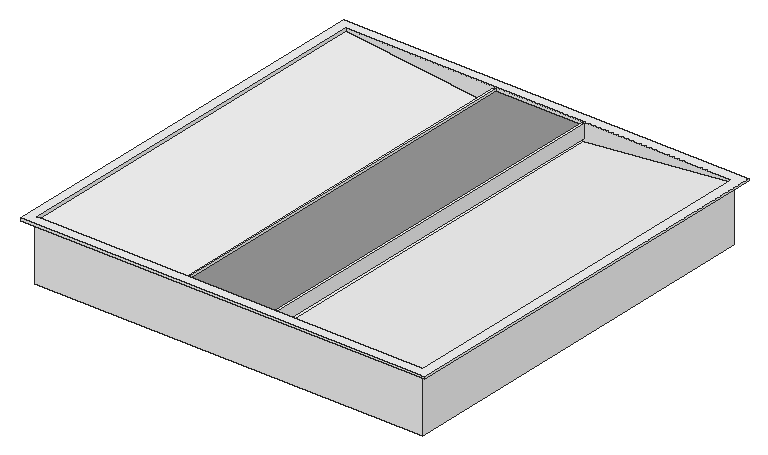
Revit family "2069244 Sylvania Lighting Fixture OFFICELYTE 600 HE 4K DALI", category Lighting Fixtures, host Face, Revit 2017
Family settings
  Host = Face
  Round Connector Dimension = Use Diameter
  Part Type = Normal
  OmniClass Number = 23.80.70.11.17
  OmniClass Title = Specialized Lighting by Location or Use
  Cut with Voids When Loaded = No
  Light Source = Yes
  Shared = No
  Room Calculation Point = No
Parameters (values of type "2069244 OFFICELYTE 600 HE 4K DALI")
  Width_SYL = 595.0 mm
  Weight = "6.0 kg"
  Wattage = 24 W
  WarrantyStartDate [instance] = "n/a"
  WarrantyGuarantorParts = "n/a"
  WarrantyDurationUnit = "n/a"
  WarrantyDurationParts = "n/a"
  WarrantyDescription = "n/a"
  built-in parameter 1150110 = 1 (stored number, unit not read)
  Voltage = 230 V
  URL = "http://www.sylvania-lighting.com"
  TypeName = "OFFICELYTE 600 HE 4K DALI"
  built-in parameter 1114217 = 1 (stored number, unit not read)
  Tilt Angle = -90.00°
  built-in parameter 1150109 = 1 (stored number, unit not read)
  built-in parameter 1150134 = 12
  built-in parameter 1150113 = 1 (stored number, unit not read)
  SerialNumber [instance] = "n/a"
  PowerFactor = 0.96
  PowerConsumption = "24 W"
  Photometric Web File = "2069244.ies"
  NominalWidth = 0.0 mm
  NominalLength = 595.0 mm
  NominalHeight = 87.0 mm
  Name = "OFFICELYTE 600 HE 4K DALI"
  ModelReference = "OFFICELYTE 600 HE 4K DALI"
  ModelNumber = "2069244"
  Material = "zintec housing, acrylic diffuser"
  ManufacturerName = "Feilo Sylvania"
  LuminousEfficacy = "148 lm/W"
  LuminaireType = ""
  LightOutputRatio = "100"
  Length_SYL = Width_SYL  # 595.0 mm
  LampsType = Lamp  # "LED"
  LampNominalLuminous = "3545 lm"
  LampMacAdamStep = "n/a"
  LampColourTemperature = "4000 K"
  LampColourRenderingIndex = "80"
  Keynote = "16500"
  InstallationDate [instance] = "n/a"
  InputVoltage = "230-240V~"
  InputNominalFrequency = "50/60 Hz"
  IngressProtection = "IP20"
  ImpactProtectionIndex = "IK02"
  IfcExportType = "IfcLightFixtureType"
  IfcExportAs = "IfcLightFixtureType"
  Height_SYL = 84.0 mm
  ExpectedLife = 50000
  ElectricShockClassification = "Class I"
  DurationUnit = "hours"
  DocumentationLiterature = "http://www.sylvania-lighting.com/product/en-int/products/2069244"
  DimmingControlOptions = "Dimmable"
  Material_2_SYL = Acrylic_Sylvania_Officelyte LP LED_Satin_4000K
  CreatedOn = "8/23/2018"
  CreatedBy = ""
  built-in parameter 1114216 [instance] = 1 (stored number, unit not read)
  Model = "OFFICELYTE 600 HE 4K DALI"
  Manufacturer = "Havells-Sylvania Group"  # constant formula
  built-in parameter 1150105 = 282.66 (stored number, unit not read)
  Lumens = 3552 lm
  built-in parameter 1150115 = 1 (stored number, unit not read)
  built-in parameter 1150137 = (empty or 0)
  built-in parameter 1150139 = (empty or 0)
  built-in parameter 1150112 = 1 (stored number, unit not read)
  built-in parameter 1150114 = 1 (stored number, unit not read)
  Lamp = "LED"
  built-in parameter 1150132 = 2
  built-in parameter 1150102 = (empty or 0)
  built-in parameter 1150107 = 4000 (stored number, unit not read)
  built-in parameter 1150138 = (empty or 0)
  built-in parameter 1150106 = 2.8266 (stored number, unit not read)
  Material_3_SYL = Steel_Sylvania_Officelyte LP LED_White_RAL 9016
  Emit from Rectangle Width = Width_SYL - 31.0 mm  # 564.0 mm
  Emit from Rectangle Length = Length_SYL - 31.0 mm  # 564.0 mm
  Emit Shape Visible in Rendering = no
  built-in parameter 1150104 = 13.75 (stored number, unit not read)
  Dimming Lamp Color Temperature Shift = <None>
  Material_1_SYL = Steel_Sylvania_Officelyte LP LED_White_RAL 9016
  Description = "The Concord OFFICELYTE LP LED HO 4K 600 is a high efficient luminaire for Office, education, meeting rooms. With efficacy of 95lm/W, at 4549lm, CRI of 85 and a very low glare ratio according to EN12464."  # constant formula
  Default Elevation = 0.0 mm
  Color Filter = 16777215
  built-in parameter 1140040 [instance] = 1
  BarCode [instance] = "n/a"
  built-in parameter 1114218 = 1 (stored number, unit not read)
  built-in parameter 1150133 = 10 (stored number, unit not read)
  AssetType = "Fixed"
  AssetIdentifier [instance] = "n/a"
  Assembly Code = "D5020200"
  Apparent Load = 24 VA
Reference planes
  plane 1 "Center (Front/Back)": y = 0
  plane 2: z = 0
  plane 3 "Center (Left/Right)": x = 0
  plane 4 "Fixture Bottom": z = 3
  plane 5 "Fixture Right": x = 297.5
  plane 6 "Profile Right": x = 284
  plane 7 "Profile Left": x = -284
  plane 8 "Fixture Left": x = -297.5
  plane 9 "Profile Back": y = 284
  plane 10 "Fixture Back": y = 297.5
  plane 11 "Fixture Front": y = -297.5
  plane 12: z = -25
  plane 13 "Box Right": x = 286
  plane 14 "Box Left": x = -286
  plane 15 "Box Back": y = 286
  plane 16 "Box Front": y = -286
  plane 17: x = 66.5
  plane 18: x = -66.5
  plane 19 "Difuser Right": x = 63.5
  plane 20 "Difuser Left": x = -63.5
  plane 21: z = -2
  plane 22: z = -4
  plane 23 "Profile Front": y = -284
  plane 24 "Fixture Top": z = -84
  plane 25 "Box Thickness": z = -82
  plane 26: z = -20
Forms (mm)
  Extrusion 1, void
    sketch origin (0, 0, 59) x (-1, 0, 0) y (0, -1, 0)
      loop
        line (-286, -286) -> (286, -286) -> (286, 286) -> (-286, 286) -> (-286, -286)
    from -141 to -56
  Extrusion 2, solid, material "Steel_Sylvania_Officelyte LP LED_White_RAL 9016" <- "Material_3_SYL", detail levels fine
    sketch origin (20, 0, 59) x (-1, 0, 0) y (0, -1, 0)
      loop
        line (-277.5, -297.5) -> (317.5, -297.5) -> (317.5, 297.5) -> (-277.5, 297.5) -> (-277.5, -297.5)
      loop
        line (304, -284) -> (304, 284) -> (-264, 284) -> (-264, -284) -> (304, -284)
    from -59 to -56
  Extrusion 3, solid, material "Steel_Sylvania_Officelyte LP LED_White_RAL 9016" <- "Material_3_SYL", detail levels fine
    sketch origin (0, 0, 0) x (1, 0, 0) y (0, 0, 1)
      loop
        arc (-65.868, -23.244) -> (-175.523, -17.552) -> (-284, -0.537) r 1059.086
        line (-284, -0.537) -> (-284, -2.581)
        arc (-284, -2.581) -> (-175.521, -19.563) -> (-65.868, -25.244) r 1061.086
        line (-65.868, -25.244) -> (65.87, -25.244)
        arc (65.87, -25.244) -> (175.522, -19.563) -> (284, -2.581) r 1061.094
        line (284, -2.581) -> (284, -0.538)
        arc (284, -0.538) -> (175.524, -17.552) -> (65.87, -23.244) r 1059.094
        line (65.87, -23.244) -> (-65.868, -23.244)
    from -284 to 284
  Extrusion 4, solid, material "Steel_Sylvania_Officelyte LP LED_White_RAL 9016" <- "Material_3_SYL", detail levels fine
    sketch origin (0, 0, 59) x (-1, 0, 0) y (0, -1, 0)
      loop
        line (284, -284) -> (284, 284) -> (-284, 284) -> (-284, -284) -> (284, -284)
      loop
        line (286, -286) -> (286, 286) -> (-286, 286) -> (-286, -286) -> (286, -286)
    from -141 to -59
  Extrusion 5, solid, material "Steel_Sylvania_Officelyte LP LED_White_RAL 9016" <- "Material_3_SYL", detail levels fine
    sketch origin (0, 0, 59) x (-1, 0, 0) y (0, -1, 0)
      loop
        line (66.5, -284) -> (66.5, 284) -> (63.5, 284) -> (63.5, -284) -> (66.5, -284)
      loop
        line (-66.5, 284) -> (-66.5, -284) -> (-63.5, -284) -> (-63.5, 284) -> (-66.5, 284)
    from -79 to -59
  Extrusion 6, solid, material "Acrylic_Sylvania_Officelyte LP LED_Satin_4000K" <- "Material_2_SYL", detail levels fine
    sketch origin (0, 0, -581) x (-1, 0, 0) y (0, -1, 0)
      loop
        line (-63.5, -284) -> (63.5, -284) -> (63.5, 284) -> (-63.5, 284) -> (-63.5, -284)
    from 577 to 579
  Extrusion 7, solid, material "Steel_Sylvania_Officelyte LP LED_White_RAL 9016" <- "Material_1_SYL", detail levels coarse+medium
    sketch origin (0, 0, 59) x (-1, 0, 0) y (0, -1, 0)
      loop
        line (297.5, -297.5) -> (297.5, 297.5) -> (-297.5, 297.5) -> (-297.5, -297.5) -> (297.5, -297.5)
    from -59 to -56
  Extrusion 8, solid, material "Steel_Sylvania_Officelyte LP LED_White_RAL 9016" <- "Material_1_SYL", detail levels coarse+medium
    sketch origin (0, 0, -501) x (-1, 0, 0) y (0, -1, 0)
      loop
        line (286, -286) -> (286, 286) -> (-286, 286) -> (-286, -286) -> (286, -286)
    from 417 to 501
  Extrusion 9, solid, material "Steel_Sylvania_Officelyte LP LED_White_RAL 9016" <- "Material_3_SYL", detail levels fine
    sketch origin (0, 0, 59) x (-1, 0, 0) y (0, -1, 0)
      loop
        line (-286, -286) -> (286, -286) -> (286, 286) -> (-286, 286) -> (-286, -286)
    from -143 to -141
Cuts and joins
  joined: Extrusion 2, Extrusion 4, Extrusion 9
  joined: Extrusion 3, Extrusion 5
Lines and regions (mm)
  symbolic lines
    curve 1: line (-297.5, 297.5, 59) -> (297.5, 297.5, 59)
    curve 2: line (-297.5, -297.5, 59) -> (-297.5, 297.5, 59)
    curve 3: line (297.5, -297.5, 59) -> (-297.5, -297.5, 59)
    curve 4: line (297.5, 297.5, 59) -> (297.5, -297.5, 59)
Dimensions and locks
  "Height_SYL": host face to plane 24 "Fixture Top"
  locked: plane 25 "Box Thickness" to plane 24 "Fixture Top" at 2
  "Width_SYL": plane 10 "Fixture Back" to plane 11 "Fixture Front"
  "Length_SYL": plane 8 "Fixture Left" to plane 5 "Fixture Right"
  equal spacing: plane 10 "Fixture Back", plane 1 "Center (Front/Back)", plane 11 "Fixture Front"
  equal spacing: plane 8 "Fixture Left", plane 3 "Center (Left/Right)", plane 5 "Fixture Right"
  locked: plane 18 to plane 20 "Difuser Left" at 3
  locked: plane 19 "Difuser Right" to plane 17 at 3
  plane 8 "Fixture Left" to plane 14 "Box Left" to plane 7 "Profile Left" = 11.5 mm locked, 2.0 mm locked
  plane 10 "Fixture Back" to plane 15 "Box Back" to plane 9 "Profile Back" = 11.5 mm locked, 2.0 mm locked
  plane 6 "Profile Right" to plane 13 "Box Right" to plane 5 "Fixture Right" = 2.0 mm locked, 11.5 mm locked
  plane 23 "Profile Front" to plane 16 "Box Front" to plane 11 "Fixture Front" = 2.0 mm locked, 11.5 mm locked
  plane 4 "Fixture Bottom" to plane 2 to plane 21 to plane 22 to plane 12 = 3.0 mm locked, 2.0 mm locked, 2.0 mm locked, 21.0 mm locked
  aligned and locked: plane 2 to host face
  aligned and locked: level to host face
  aligned and locked: plane 1 "Center (Front/Back)" to imposter light
  aligned and locked: plane 10 "Fixture Back" to Extrusion 2
  aligned and locked: plane 8 "Fixture Left" to Extrusion 2
  aligned and locked: Extrusion 2 to plane 7 "Profile Left"
  aligned and locked: Extrusion 2 to plane 5 "Fixture Right"
  aligned and locked: plane 6 "Profile Right" to Extrusion 2
  aligned and locked: Extrusion 2 to plane 11 "Fixture Front"
  aligned and locked: plane 4 "Fixture Bottom" to Extrusion 2
  aligned and locked: plane 18 to Extrusion 5 sketch curve
  aligned and locked: Extrusion 5 sketch curve to plane 17
  aligned and locked: plane 19 "Difuser Right" to Extrusion 5 sketch curve
  aligned and locked: Extrusion 5 sketch curve to plane 20 "Difuser Left"
  aligned and locked: plane 19 "Difuser Right" to Extrusion 6 sketch curve
  aligned and locked: Extrusion 6 sketch curve to plane 20 "Difuser Left"
  aligned and locked: plane 21 to Extrusion 6
  aligned and locked: Extrusion 6 to plane 22
  aligned and locked: Extrusion 7 sketch curve to plane 10 "Fixture Back"
  aligned and locked: plane 5 "Fixture Right" to Extrusion 7 sketch curve
  aligned and locked: plane 11 "Fixture Front" to Extrusion 7 sketch curve
  aligned and locked: Extrusion 7 sketch curve to plane 8 "Fixture Left"
  aligned and locked: plane 4 "Fixture Bottom" to Extrusion 7
  aligned and locked: Extrusion 8 to plane 24 "Fixture Top"
  aligned and locked: level to Extrusion 8
  aligned and locked: plane 5 "Fixture Right" to curve 4
  aligned and locked: curve 1 to plane 10 "Fixture Back"
  aligned and locked: curve 2 to plane 8 "Fixture Left"
  aligned and locked: plane 11 "Fixture Front" to curve 3
  aligned and locked: plane 9 "Profile Back" to Extrusion 4
  aligned and locked: Extrusion 4 sketch curve to plane 9 "Profile Back"
  aligned and locked: Extrusion 4 to Extrusion 1
  aligned and locked: imposter light to Extrusion 1
  aligned and locked: Extrusion 9 to plane 24 "Fixture Top"
  aligned and locked: plane 25 "Box Thickness" to Extrusion 9
  aligned and locked: cut or joined group of Extrusion 2, Extrusion 4, Extrusion 9 to plane 25 "Box Thickness"
  aligned and locked: Extrusion 4 sketch curve to plane 13 "Box Right"
  aligned and locked: plane 15 "Box Back" to Extrusion 4 sketch curve
  aligned and locked: Extrusion 4 sketch curve to plane 14 "Box Left"
  aligned and locked: plane 16 "Box Front" to Extrusion 4 sketch curve
  aligned and locked: Extrusion 9 sketch curve to plane 16 "Box Front"
  aligned and locked: plane 13 "Box Right" to Extrusion 9 sketch curve
  aligned and locked: Extrusion 9 sketch curve to plane 15 "Box Back"
  aligned and locked: Extrusion 9 sketch curve to plane 14 "Box Left"
  aligned and locked: plane 7 "Profile Left" to cut or joined group of Extrusion 3, Extrusion 5
  aligned and locked: cut or joined group of Extrusion 3, Extrusion 5 to plane 6 "Profile Right"
  aligned and locked: plane 9 "Profile Back" to cut or joined group of Extrusion 3, Extrusion 5
  aligned and locked: cut or joined group of Extrusion 3, Extrusion 5 to plane 23 "Profile Front"
  aligned and locked: plane 23 "Profile Front" to Extrusion 5 sketch curve
  aligned and locked: Extrusion 5 sketch curve to plane 9 "Profile Back"
  aligned and locked: Extrusion 8 sketch curve to plane 13 "Box Right"
  aligned and locked: plane 15 "Box Back" to Extrusion 8 sketch curve
  aligned and locked: plane 16 "Box Front" to Extrusion 8 sketch curve
  aligned and locked: plane 14 "Box Left" to Extrusion 8 sketch curve
  aligned and locked: Extrusion 1 sketch curve to Extrusion 8  (x4)
  aligned and locked: Extrusion 6 sketch curve to plane 23 "Profile Front"
  aligned and locked: plane 9 "Profile Back" to Extrusion 6 sketch curve
  aligned and locked: cut or joined group of Extrusion 3, Extrusion 5 to plane 26
  aligned and locked: plane 4 "Fixture Bottom" to imposter light
Automatic sketch dimensions
  host sketch curve to host sketch curve = 1305.563 mm
  host sketch curve to host sketch curve = 1414.187 mm
  Extrusion 2 sketch curve to plane 5 "Fixture Right" = 0.0 mm
  Extrusion 2 sketch curve to plane 6 "Profile Right" = 0.0 mm
  Extrusion 2 sketch curve to plane 7 "Profile Left" = 0.0 mm
  Extrusion 2 sketch curve to plane 8 "Fixture Left" = 0.0 mm
  Extrusion 2 sketch curve to plane 10 "Fixture Back" = 0.0 mm
  plane 9 "Profile Back" to Extrusion 2 sketch curve = 0.0 mm
  Extrusion 2 sketch curve to plane 23 "Profile Front" = 0.0 mm
  Extrusion 2 sketch curve to plane 11 "Fixture Front" = 0.0 mm
  Extrusion 3 sketch curve to Extrusion 3 sketch curve = 0.0 mm  (x2)
  Extrusion 3 sketch curve to Extrusion 3 sketch curve = 0.001 mm  (x2)
  Extrusion 3 sketch curve to level = 0.537 mm
  plane 14 "Box Left" to Extrusion 3 sketch curve = 2.0 mm
  Extrusion 3 sketch curve to plane 12 = 0.244 mm
  plane 18 to Extrusion 3 sketch curve = 0.632 mm
  Extrusion 3 sketch curve to plane 17 = 0.63 mm
  Extrusion 3 sketch curve to level = 0.538 mm
  Extrusion 3 sketch curve to plane 13 "Box Right" = 2.0 mm
  Extrusion 3 sketch curve to level = 23.244 mm
  Extrusion 4 sketch curve to plane 6 "Profile Right" = 0.0 mm
  Extrusion 4 sketch curve to plane 7 "Profile Left" = 0.0 mm
  Extrusion 4 sketch curve to plane 23 "Profile Front" = 0.0 mm
  Extrusion 5 sketch curve to plane 9 "Profile Back" = 0.0 mm
  Extrusion 5 sketch curve to plane 23 "Profile Front" = 0.0 mm
Connectors
  electrical at (0, 0, -84), driven by "Apparent Load"
    settings: on Extrusion 8, index 1, voltage 230 V, apparent load 0 VA, apparent load phase1 24 VA, apparent load phase2 0 VA, apparent load phase3 0 VA, power factor 1, load classification "Lighting", number of poles 1, system type 31, power factor state 1, is connector primary yes, connector utility no, sub classification motor no, connector description ""
